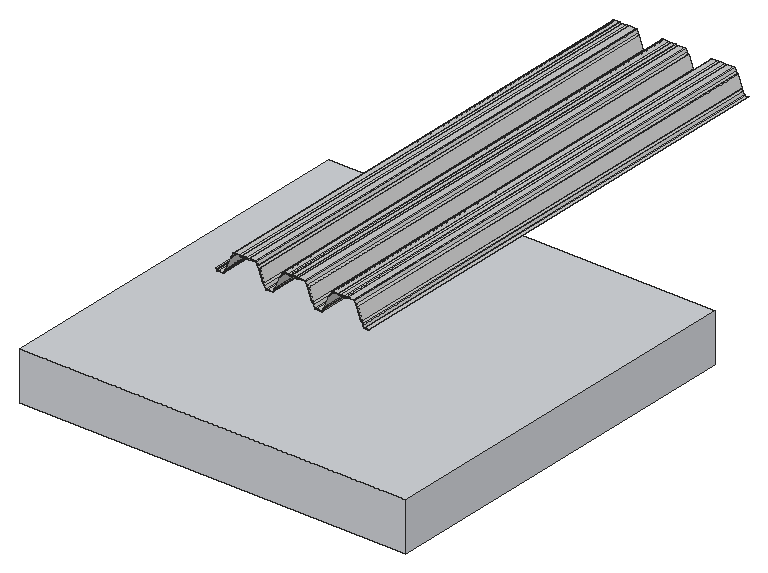
Revit family "Trapézový plech CB 135_310", category Obecné modely, Revit 2016
Family settings
  Hostitel = Plocha
  Typ součásti = Normální
  Může být hostitelem pro výztuž = Ne
  Kóta kulaté spojky = Použít průměr
  Ořezat dutým tvarem při načtení = Ne
  Sdílené = Ne
  Bod výpočtu místnosti = Ne
Parameters
  Šířka prvku - ořezání [instance] = 965 mm
  Šířka [instance] = 930 mm  # constant formula
  Výrobce = "CB profil a. s."  # constant formula
  Default Elevation = 0 mm
  URL = "https://www.cbprofil.cz/vyrobni-program/trapezove-plechy-vyroba-cb/"
  Třída oceli [instance] = Třída oceli : S 320 GD
  Tloušťka [instance] = 1 mm
  Pozitivní [instance] = not(Negativní)  # yes
  Popis = "CB 135/310"
  Negativní [instance] = no
  F2 barva [instance] = Pozink
  F1 barva [instance] = Pozink
  Délka [instance] = 3000 mm
  CB FLIS [instance] = no
Reference planes
  plane 1 "Střed (vpředu/vzadu)": y = 0
  plane 2: z = 0
  plane 3 "Střed (vlevo/vpravo)": x = 0
  plane 4 "trapézový plech": z = 0
  plane 5 "oříznutí": x = -965
  plane 6: x = -1219.2
  plane 7: x = -930
  plane 8: z = 139
Forms (mm)
  Extrusion 1, solid
    sketch origin (0, 0, 0) x (1, 0, 0) y (0, 1, 0)
      loop
        line (-1219.2, 1219.2) -> (-1219.2, -1219.2) -> (1219.2, -1219.2) -> (1219.2, 1219.2) -> (-1219.2, 1219.2)
    from 0 to -304.8
  Sweep 2, solid, material "Pozink" <- "F2 barva", visible <- "Pozitivní"
    path origin (0, 0, 0) x (-1, 0, 0) y (0, -1, 0)
      loop
        line (0, 0) -> (0, -3000)
    profile "CB 135_310 : CB 135_310" origin (0, 1500, 0) x (-1, 0, 0) y (0, 0, 1)
      loop
        line (958.743, 11.661) -> (957.955, 12.276) -> (954.038, 7.263)
        arc (954.038, 7.263) -> (953.604, 6.608) -> (953.279, 5.893) r 5
        line (953.279, 5.893) -> (952.697, 4.292)
        arc (952.697, 4.292) -> (950.866, 1.905) -> (947.997, 1) r 5
        line (947.997, 1) -> (930, 1) -> (912.003, 1)
        arc (912.003, 1) -> (909.134, 1.905) -> (907.303, 4.292) r 5
        line (907.303, 4.292) -> (901.864, 19.255)
        arc (901.864, 19.255) -> (901.538, 19.97) -> (901.105, 20.625) r 5
        line (901.105, 20.625) -> (891.143, 33.375)
        arc (891.143, 33.375) -> (890.71, 34.03) -> (890.384, 34.745) r 5
        line (890.384, 34.745) -> (865.116, 104.255)
        arc (865.116, 104.255) -> (864.79, 104.97) -> (864.357, 105.625) r 5
        line (864.357, 105.625) -> (854.395, 118.375)
        arc (854.395, 118.375) -> (853.962, 119.03) -> (853.636, 119.745) r 5
        line (853.636, 119.745) -> (848.197, 134.708)
        arc (848.197, 134.708) -> (846.366, 137.095) -> (843.497, 138) r 5
        line (843.497, 138) -> (807.333, 138)
        arc (807.333, 138) -> (806.182, 137.866) -> (805.093, 137.47) r 5
        line (805.093, 137.47) -> (799.24, 134.537)
        arc (799.24, 134.537) -> (797, 134.008) -> (794.76, 134.537) r 5
        line (794.76, 134.537) -> (788.907, 137.47)
        arc (788.907, 137.47) -> (787.818, 137.866) -> (786.667, 138) r 5
        line (786.667, 138) -> (763.333, 138)
        arc (763.333, 138) -> (762.182, 137.866) -> (761.093, 137.47) r 5
        line (761.093, 137.47) -> (755.24, 134.537)
        arc (755.24, 134.537) -> (753, 134.008) -> (750.76, 134.537) r 5
        line (750.76, 134.537) -> (744.907, 137.47)
        arc (744.907, 137.47) -> (743.818, 137.866) -> (742.667, 138) r 5
        line (742.667, 138) -> (706.503, 138)
        arc (706.503, 138) -> (703.634, 137.095) -> (701.803, 134.708) r 5
        line (701.803, 134.708) -> (696.364, 119.745)
        arc (696.364, 119.745) -> (696.038, 119.03) -> (695.605, 118.375) r 5
        line (695.605, 118.375) -> (685.643, 105.625)
        arc (685.643, 105.625) -> (685.21, 104.97) -> (684.884, 104.255) r 5
        line (684.884, 104.255) -> (659.616, 34.745)
        arc (659.616, 34.745) -> (659.29, 34.03) -> (658.857, 33.375) r 5
        line (658.857, 33.375) -> (648.895, 20.625)
        arc (648.895, 20.625) -> (648.462, 19.97) -> (648.136, 19.255) r 5
        line (648.136, 19.255) -> (642.697, 4.292)
        arc (642.697, 4.292) -> (640.866, 1.905) -> (637.997, 1) r 5
        line (637.997, 1) -> (620, 1) -> (602.003, 1)
        arc (602.003, 1) -> (599.134, 1.905) -> (597.303, 4.292) r 5
        line (597.303, 4.292) -> (591.864, 19.255)
        arc (591.864, 19.255) -> (591.538, 19.97) -> (591.105, 20.625) r 5
        line (591.105, 20.625) -> (581.143, 33.375)
        arc (581.143, 33.375) -> (580.71, 34.03) -> (580.384, 34.745) r 5
        line (580.384, 34.745) -> (555.116, 104.255)
        arc (555.116, 104.255) -> (554.79, 104.97) -> (554.357, 105.625) r 5
        line (554.357, 105.625) -> (544.395, 118.375)
        arc (544.395, 118.375) -> (543.962, 119.03) -> (543.636, 119.745) r 5
        line (543.636, 119.745) -> (538.197, 134.708)
        arc (538.197, 134.708) -> (536.366, 137.095) -> (533.497, 138) r 5
        line (533.497, 138) -> (497.333, 138)
        arc (497.333, 138) -> (496.182, 137.866) -> (495.093, 137.47) r 5
        line (495.093, 137.47) -> (489.24, 134.537)
        arc (489.24, 134.537) -> (487, 134.008) -> (484.76, 134.537) r 5
        line (484.76, 134.537) -> (478.907, 137.47)
        arc (478.907, 137.47) -> (477.818, 137.866) -> (476.667, 138) r 5
        line (476.667, 138) -> (453.333, 138)
        arc (453.333, 138) -> (452.182, 137.866) -> (451.093, 137.47) r 5
        line (451.093, 137.47) -> (445.24, 134.537)
        arc (445.24, 134.537) -> (443, 134.008) -> (440.76, 134.537) r 5
        line (440.76, 134.537) -> (434.907, 137.47)
        arc (434.907, 137.47) -> (433.818, 137.866) -> (432.667, 138) r 5
        line (432.667, 138) -> (396.503, 138)
        arc (396.503, 138) -> (393.634, 137.095) -> (391.803, 134.708) r 5
        line (391.803, 134.708) -> (386.364, 119.745)
        arc (386.364, 119.745) -> (386.038, 119.03) -> (385.605, 118.375) r 5
        line (385.605, 118.375) -> (375.643, 105.625)
        arc (375.643, 105.625) -> (375.21, 104.97) -> (374.884, 104.255) r 5
        line (374.884, 104.255) -> (349.616, 34.745)
        arc (349.616, 34.745) -> (349.29, 34.03) -> (348.857, 33.375) r 5
        line (348.857, 33.375) -> (338.895, 20.625)
        arc (338.895, 20.625) -> (338.462, 19.97) -> (338.136, 19.255) r 5
        line (338.136, 19.255) -> (332.697, 4.292)
        arc (332.697, 4.292) -> (330.866, 1.905) -> (327.997, 1) r 5
        line (327.997, 1) -> (310, 1) -> (292.003, 1)
        arc (292.003, 1) -> (289.134, 1.905) -> (287.303, 4.292) r 5
        line (287.303, 4.292) -> (281.864, 19.255)
        arc (281.864, 19.255) -> (281.538, 19.97) -> (281.105, 20.625) r 5
        line (281.105, 20.625) -> (271.143, 33.375)
        arc (271.143, 33.375) -> (270.71, 34.03) -> (270.384, 34.745) r 5
        line (270.384, 34.745) -> (245.116, 104.255)
        arc (245.116, 104.255) -> (244.79, 104.97) -> (244.357, 105.625) r 5
        line (244.357, 105.625) -> (234.395, 118.375)
        arc (234.395, 118.375) -> (233.962, 119.03) -> (233.636, 119.745) r 5
        line (233.636, 119.745) -> (228.197, 134.708)
        arc (228.197, 134.708) -> (226.366, 137.095) -> (223.497, 138) r 5
        line (223.497, 138) -> (187.333, 138)
        arc (187.333, 138) -> (186.182, 137.866) -> (185.093, 137.47) r 5
        line (185.093, 137.47) -> (179.24, 134.537)
        arc (179.24, 134.537) -> (177, 134.008) -> (174.76, 134.537) r 5
        line (174.76, 134.537) -> (168.907, 137.47)
        arc (168.907, 137.47) -> (167.818, 137.866) -> (166.667, 138) r 5
        line (166.667, 138) -> (143.333, 138)
        arc (143.333, 138) -> (142.182, 137.866) -> (141.093, 137.47) r 5
        line (141.093, 137.47) -> (135.24, 134.537)
        arc (135.24, 134.537) -> (133, 134.008) -> (130.76, 134.537) r 5
        line (130.76, 134.537) -> (124.907, 137.47)
        arc (124.907, 137.47) -> (123.818, 137.866) -> (122.667, 138) r 5
        line (122.667, 138) -> (86.503, 138)
        arc (86.503, 138) -> (83.634, 137.095) -> (81.803, 134.708) r 5
        line (81.803, 134.708) -> (76.364, 119.745)
        arc (76.364, 119.745) -> (76.038, 119.03) -> (75.605, 118.375) r 5
        line (75.605, 118.375) -> (65.643, 105.625)
        arc (65.643, 105.625) -> (65.21, 104.97) -> (64.884, 104.255) r 5
        line (64.884, 104.255) -> (39.616, 34.745)
        arc (39.616, 34.745) -> (39.29, 34.03) -> (38.857, 33.375) r 5
        line (38.857, 33.375) -> (28.895, 20.625)
        arc (28.895, 20.625) -> (28.462, 19.97) -> (28.136, 19.255) r 5
        line (28.136, 19.255) -> (22.697, 4.292)
        arc (22.697, 4.292) -> (20.866, 1.905) -> (17.997, 1) r 5
        line (17.997, 1) -> (0, 1) -> (-5, 1) -> (-5, 0) -> (0, 0) -> (17.997, 0)
        arc (17.997, 0) -> (21.44, 1.086) -> (23.636, 3.95) r 6
        line (23.636, 3.95) -> (29.076, 18.913)
        arc (29.076, 18.913) -> (29.336, 19.485) -> (29.683, 20.009) r 4
        line (29.683, 20.009) -> (39.645, 32.76)
        arc (39.645, 32.76) -> (40.165, 33.546) -> (40.556, 34.404) r 6
        line (40.556, 34.404) -> (65.824, 103.913)
        arc (65.824, 103.913) -> (66.085, 104.485) -> (66.431, 105.009) r 4
        line (66.431, 105.009) -> (76.393, 117.76)
        arc (76.393, 117.76) -> (76.913, 118.546) -> (77.304, 119.404) r 6
        line (77.304, 119.404) -> (82.743, 134.367)
        arc (82.743, 134.367) -> (84.208, 136.276) -> (86.503, 137) r 4
        line (86.503, 137) -> (122.667, 137)
        arc (122.667, 137) -> (123.588, 136.893) -> (124.459, 136.576) r 4
        line (124.459, 136.576) -> (130.312, 133.643)
        arc (130.312, 133.643) -> (133, 133.008) -> (135.688, 133.643) r 6
        line (135.688, 133.643) -> (141.541, 136.576)
        arc (141.541, 136.576) -> (142.412, 136.893) -> (143.333, 137) r 4
        line (143.333, 137) -> (166.667, 137)
        arc (166.667, 137) -> (167.588, 136.893) -> (168.459, 136.576) r 4
        line (168.459, 136.576) -> (174.312, 133.643)
        arc (174.312, 133.643) -> (177, 133.008) -> (179.688, 133.643) r 6
        line (179.688, 133.643) -> (185.541, 136.576)
        arc (185.541, 136.576) -> (186.412, 136.893) -> (187.333, 137) r 4
        line (187.333, 137) -> (223.497, 137)
        arc (223.497, 137) -> (225.792, 136.276) -> (227.257, 134.367) r 4
        line (227.257, 134.367) -> (232.696, 119.404)
        arc (232.696, 119.404) -> (233.087, 118.546) -> (233.607, 117.76) r 6
        line (233.607, 117.76) -> (243.569, 105.009)
        arc (243.569, 105.009) -> (243.915, 104.485) -> (244.176, 103.913) r 4
        line (244.176, 103.913) -> (269.444, 34.404)
        arc (269.444, 34.404) -> (269.835, 33.546) -> (270.355, 32.76) r 6
        line (270.355, 32.76) -> (280.317, 20.009)
        arc (280.317, 20.009) -> (280.664, 19.485) -> (280.924, 18.913) r 4
        line (280.924, 18.913) -> (286.364, 3.95)
        arc (286.364, 3.95) -> (288.56, 1.086) -> (292.003, 0) r 6
        line (292.003, 0) -> (310, 0) -> (327.997, 0)
        arc (327.997, 0) -> (331.44, 1.086) -> (333.636, 3.95) r 6
        line (333.636, 3.95) -> (339.076, 18.913)
        arc (339.076, 18.913) -> (339.336, 19.485) -> (339.683, 20.009) r 4
        line (339.683, 20.009) -> (349.645, 32.76)
        arc (349.645, 32.76) -> (350.165, 33.546) -> (350.556, 34.404) r 6
        line (350.556, 34.404) -> (375.824, 103.913)
        arc (375.824, 103.913) -> (376.085, 104.485) -> (376.431, 105.009) r 4
        line (376.431, 105.009) -> (386.393, 117.76)
        arc (386.393, 117.76) -> (386.913, 118.546) -> (387.304, 119.404) r 6
        line (387.304, 119.404) -> (392.743, 134.367)
        arc (392.743, 134.367) -> (394.208, 136.276) -> (396.503, 137) r 4
        line (396.503, 137) -> (432.667, 137)
        arc (432.667, 137) -> (433.588, 136.893) -> (434.459, 136.576) r 4
        line (434.459, 136.576) -> (440.312, 133.643)
        arc (440.312, 133.643) -> (443, 133.008) -> (445.688, 133.643) r 6
        line (445.688, 133.643) -> (451.541, 136.576)
        arc (451.541, 136.576) -> (452.412, 136.893) -> (453.333, 137) r 4
        line (453.333, 137) -> (476.667, 137)
        arc (476.667, 137) -> (477.588, 136.893) -> (478.459, 136.576) r 4
        line (478.459, 136.576) -> (484.312, 133.643)
        arc (484.312, 133.643) -> (487, 133.008) -> (489.688, 133.643) r 6
        line (489.688, 133.643) -> (495.541, 136.576)
        arc (495.541, 136.576) -> (496.412, 136.893) -> (497.333, 137) r 4
        line (497.333, 137) -> (533.497, 137)
        arc (533.497, 137) -> (535.792, 136.276) -> (537.257, 134.367) r 4
        line (537.257, 134.367) -> (542.696, 119.404)
        arc (542.696, 119.404) -> (543.087, 118.546) -> (543.607, 117.76) r 6
        line (543.607, 117.76) -> (553.569, 105.009)
        arc (553.569, 105.009) -> (553.915, 104.485) -> (554.176, 103.913) r 4
        line (554.176, 103.913) -> (579.444, 34.404)
        arc (579.444, 34.404) -> (579.835, 33.546) -> (580.355, 32.76) r 6
        line (580.355, 32.76) -> (590.317, 20.009)
        arc (590.317, 20.009) -> (590.664, 19.485) -> (590.924, 18.913) r 4
        line (590.924, 18.913) -> (596.364, 3.95)
        arc (596.364, 3.95) -> (598.56, 1.086) -> (602.003, 0) r 6
        line (602.003, 0) -> (620, 0) -> (637.997, 0)
        arc (637.997, 0) -> (641.44, 1.086) -> (643.636, 3.95) r 6
        line (643.636, 3.95) -> (649.076, 18.913)
        arc (649.076, 18.913) -> (649.336, 19.485) -> (649.683, 20.009) r 4
        line (649.683, 20.009) -> (659.645, 32.76)
        arc (659.645, 32.76) -> (660.165, 33.546) -> (660.556, 34.404) r 6
        line (660.556, 34.404) -> (685.824, 103.913)
        arc (685.824, 103.913) -> (686.085, 104.485) -> (686.431, 105.009) r 4
        line (686.431, 105.009) -> (696.393, 117.76)
        arc (696.393, 117.76) -> (696.913, 118.546) -> (697.304, 119.404) r 6
        line (697.304, 119.404) -> (702.743, 134.367)
        arc (702.743, 134.367) -> (704.208, 136.276) -> (706.503, 137) r 4
        line (706.503, 137) -> (742.667, 137)
        arc (742.667, 137) -> (743.588, 136.893) -> (744.459, 136.576) r 4
        line (744.459, 136.576) -> (750.312, 133.643)
        arc (750.312, 133.643) -> (753, 133.008) -> (755.688, 133.643) r 6
        line (755.688, 133.643) -> (761.541, 136.576)
        arc (761.541, 136.576) -> (762.412, 136.893) -> (763.333, 137) r 4
        line (763.333, 137) -> (786.667, 137)
        arc (786.667, 137) -> (787.588, 136.893) -> (788.459, 136.576) r 4
        line (788.459, 136.576) -> (794.312, 133.643)
        arc (794.312, 133.643) -> (797, 133.008) -> (799.688, 133.643) r 6
        line (799.688, 133.643) -> (805.541, 136.576)
        arc (805.541, 136.576) -> (806.412, 136.893) -> (807.333, 137) r 4
        line (807.333, 137) -> (843.497, 137)
        arc (843.497, 137) -> (845.792, 136.276) -> (847.257, 134.367) r 4
        line (847.257, 134.367) -> (852.696, 119.404)
        arc (852.696, 119.404) -> (853.087, 118.546) -> (853.607, 117.76) r 6
        line (853.607, 117.76) -> (863.569, 105.009)
        arc (863.569, 105.009) -> (863.915, 104.485) -> (864.176, 103.913) r 4
        line (864.176, 103.913) -> (889.444, 34.404)
        arc (889.444, 34.404) -> (889.835, 33.546) -> (890.355, 32.76) r 6
        line (890.355, 32.76) -> (900.317, 20.009)
        arc (900.317, 20.009) -> (900.664, 19.485) -> (900.924, 18.913) r 4
        line (900.924, 18.913) -> (906.364, 3.95)
        arc (906.364, 3.95) -> (908.56, 1.086) -> (912.003, 0) r 6
        line (912.003, 0) -> (930, 0) -> (947.997, 0)
        arc (947.997, 0) -> (951.44, 1.086) -> (953.636, 3.95) r 6
        line (953.636, 3.95) -> (954.219, 5.551)
        arc (954.219, 5.551) -> (954.479, 6.123) -> (954.826, 6.647) r 4
        line (954.826, 6.647) -> (958.743, 11.661)
  Extrusion 3, void
    sketch origin (0, 0, 0) x (1, 0, 0) y (0, 0, 1)
      loop
        line (-1219.2, 0) -> (-965, 0) -> (-965, 139) -> (-1219.2, 139) -> (-1219.2, 0)
    from 0 to -3000
  Sweep 4, solid, material "Pozink" <- "F2 barva", visible <- "Negativní"
    path origin (0, 0, 0) x (-1, 0, 0) y (0, -1, 0)
      loop
        line (0, 0) -> (0, -3000)
    profile "CB 135_310_neg : CB 135_310_neg" origin (0, 1500, 0) x (-1, 0, 0) y (0, 0, 1)
      loop
        line (958.743, 126.339) -> (954.826, 131.353)
        arc (954.826, 131.353) -> (954.479, 131.877) -> (954.219, 132.449) r 4
        line (954.219, 132.449) -> (953.636, 134.05)
        arc (953.636, 134.05) -> (951.44, 136.914) -> (947.997, 138) r 6
        line (947.997, 138) -> (930, 138) -> (912.003, 138)
        arc (912.003, 138) -> (908.56, 136.914) -> (906.364, 134.05) r 6
        line (906.364, 134.05) -> (900.924, 119.087)
        arc (900.924, 119.087) -> (900.664, 118.515) -> (900.317, 117.991) r 4
        line (900.317, 117.991) -> (890.355, 105.24)
        arc (890.355, 105.24) -> (889.835, 104.454) -> (889.444, 103.596) r 6
        line (889.444, 103.596) -> (864.176, 34.087)
        arc (864.176, 34.087) -> (863.915, 33.515) -> (863.569, 32.991) r 4
        line (863.569, 32.991) -> (853.607, 20.24)
        arc (853.607, 20.24) -> (853.087, 19.454) -> (852.696, 18.596) r 6
        line (852.696, 18.596) -> (847.257, 3.633)
        arc (847.257, 3.633) -> (845.792, 1.724) -> (843.497, 1) r 4
        line (843.497, 1) -> (807.333, 1)
        arc (807.333, 1) -> (806.412, 1.107) -> (805.541, 1.424) r 4
        line (805.541, 1.424) -> (799.688, 4.357)
        arc (799.688, 4.357) -> (797, 4.992) -> (794.312, 4.357) r 6
        line (794.312, 4.357) -> (788.459, 1.424)
        arc (788.459, 1.424) -> (787.588, 1.107) -> (786.667, 1) r 4
        line (786.667, 1) -> (763.333, 1)
        arc (763.333, 1) -> (762.412, 1.107) -> (761.541, 1.424) r 4
        line (761.541, 1.424) -> (755.688, 4.357)
        arc (755.688, 4.357) -> (753, 4.992) -> (750.312, 4.357) r 6
        line (750.312, 4.357) -> (744.459, 1.424)
        arc (744.459, 1.424) -> (743.588, 1.107) -> (742.667, 1) r 4
        line (742.667, 1) -> (706.503, 1)
        arc (706.503, 1) -> (704.208, 1.724) -> (702.743, 3.633) r 4
        line (702.743, 3.633) -> (697.304, 18.596)
        arc (697.304, 18.596) -> (696.913, 19.454) -> (696.393, 20.24) r 6
        line (696.393, 20.24) -> (686.431, 32.991)
        arc (686.431, 32.991) -> (686.085, 33.515) -> (685.824, 34.087) r 4
        line (685.824, 34.087) -> (660.556, 103.596)
        arc (660.556, 103.596) -> (660.165, 104.454) -> (659.645, 105.24) r 6
        line (659.645, 105.24) -> (649.683, 117.991)
        arc (649.683, 117.991) -> (649.336, 118.515) -> (649.076, 119.087) r 4
        line (649.076, 119.087) -> (643.636, 134.05)
        arc (643.636, 134.05) -> (641.44, 136.914) -> (637.997, 138) r 6
        line (637.997, 138) -> (620, 138) -> (602.003, 138)
        arc (602.003, 138) -> (598.56, 136.914) -> (596.364, 134.05) r 6
        line (596.364, 134.05) -> (590.924, 119.087)
        arc (590.924, 119.087) -> (590.664, 118.515) -> (590.317, 117.991) r 4
        line (590.317, 117.991) -> (580.355, 105.24)
        arc (580.355, 105.24) -> (579.835, 104.454) -> (579.444, 103.596) r 6
        line (579.444, 103.596) -> (554.176, 34.087)
        arc (554.176, 34.087) -> (553.915, 33.515) -> (553.569, 32.991) r 4
        line (553.569, 32.991) -> (543.607, 20.24)
        arc (543.607, 20.24) -> (543.087, 19.454) -> (542.696, 18.596) r 6
        line (542.696, 18.596) -> (537.257, 3.633)
        arc (537.257, 3.633) -> (535.792, 1.724) -> (533.497, 1) r 4
        line (533.497, 1) -> (497.333, 1)
        arc (497.333, 1) -> (496.412, 1.107) -> (495.541, 1.424) r 4
        line (495.541, 1.424) -> (489.688, 4.357)
        arc (489.688, 4.357) -> (487, 4.992) -> (484.312, 4.357) r 6
        line (484.312, 4.357) -> (478.459, 1.424)
        arc (478.459, 1.424) -> (477.588, 1.107) -> (476.667, 1) r 4
        line (476.667, 1) -> (453.333, 1)
        arc (453.333, 1) -> (452.412, 1.107) -> (451.541, 1.424) r 4
        line (451.541, 1.424) -> (445.688, 4.357)
        arc (445.688, 4.357) -> (443, 4.992) -> (440.312, 4.357) r 6
        line (440.312, 4.357) -> (434.459, 1.424)
        arc (434.459, 1.424) -> (433.588, 1.107) -> (432.667, 1) r 4
        line (432.667, 1) -> (396.503, 1)
        arc (396.503, 1) -> (394.208, 1.724) -> (392.743, 3.633) r 4
        line (392.743, 3.633) -> (387.304, 18.596)
        arc (387.304, 18.596) -> (386.913, 19.454) -> (386.393, 20.24) r 6
        line (386.393, 20.24) -> (376.431, 32.991)
        arc (376.431, 32.991) -> (376.085, 33.515) -> (375.824, 34.087) r 4
        line (375.824, 34.087) -> (350.556, 103.596)
        arc (350.556, 103.596) -> (350.165, 104.454) -> (349.645, 105.24) r 6
        line (349.645, 105.24) -> (339.683, 117.991)
        arc (339.683, 117.991) -> (339.336, 118.515) -> (339.076, 119.087) r 4
        line (339.076, 119.087) -> (333.636, 134.05)
        arc (333.636, 134.05) -> (331.44, 136.914) -> (327.997, 138) r 6
        line (327.997, 138) -> (310, 138) -> (292.003, 138)
        arc (292.003, 138) -> (288.56, 136.914) -> (286.364, 134.05) r 6
        line (286.364, 134.05) -> (280.924, 119.087)
        arc (280.924, 119.087) -> (280.664, 118.515) -> (280.317, 117.991) r 4
        line (280.317, 117.991) -> (270.355, 105.24)
        arc (270.355, 105.24) -> (269.835, 104.454) -> (269.444, 103.596) r 6
        line (269.444, 103.596) -> (244.176, 34.087)
        arc (244.176, 34.087) -> (243.915, 33.515) -> (243.569, 32.991) r 4
        line (243.569, 32.991) -> (233.607, 20.24)
        arc (233.607, 20.24) -> (233.087, 19.454) -> (232.696, 18.596) r 6
        line (232.696, 18.596) -> (227.257, 3.633)
        arc (227.257, 3.633) -> (225.792, 1.724) -> (223.497, 1) r 4
        line (223.497, 1) -> (187.333, 1)
        arc (187.333, 1) -> (186.412, 1.107) -> (185.541, 1.424) r 4
        line (185.541, 1.424) -> (179.688, 4.357)
        arc (179.688, 4.357) -> (177, 4.992) -> (174.312, 4.357) r 6
        line (174.312, 4.357) -> (168.459, 1.424)
        arc (168.459, 1.424) -> (167.588, 1.107) -> (166.667, 1) r 4
        line (166.667, 1) -> (143.333, 1)
        arc (143.333, 1) -> (142.412, 1.107) -> (141.541, 1.424) r 4
        line (141.541, 1.424) -> (135.688, 4.357)
        arc (135.688, 4.357) -> (133, 4.992) -> (130.312, 4.357) r 6
        line (130.312, 4.357) -> (124.459, 1.424)
        arc (124.459, 1.424) -> (123.588, 1.107) -> (122.667, 1) r 4
        line (122.667, 1) -> (86.503, 1)
        arc (86.503, 1) -> (84.208, 1.724) -> (82.743, 3.633) r 4
        line (82.743, 3.633) -> (77.304, 18.596)
        arc (77.304, 18.596) -> (76.913, 19.454) -> (76.393, 20.24) r 6
        line (76.393, 20.24) -> (66.431, 32.991)
        arc (66.431, 32.991) -> (66.085, 33.515) -> (65.824, 34.087) r 4
        line (65.824, 34.087) -> (40.556, 103.596)
        arc (40.556, 103.596) -> (40.165, 104.454) -> (39.645, 105.24) r 6
        line (39.645, 105.24) -> (29.683, 117.991)
        arc (29.683, 117.991) -> (29.336, 118.515) -> (29.076, 119.087) r 4
        line (29.076, 119.087) -> (23.636, 134.05)
        arc (23.636, 134.05) -> (21.44, 136.914) -> (17.997, 138) r 6
        line (17.997, 138) -> (0, 138) -> (-5, 138) -> (-5, 137) -> (0, 137) -> (17.997, 137)
        arc (17.997, 137) -> (20.866, 136.095) -> (22.697, 133.708) r 5
        line (22.697, 133.708) -> (28.136, 118.745)
        arc (28.136, 118.745) -> (28.462, 118.03) -> (28.895, 117.375) r 5
        line (28.895, 117.375) -> (38.857, 104.625)
        arc (38.857, 104.625) -> (39.29, 103.97) -> (39.616, 103.255) r 5
        line (39.616, 103.255) -> (64.884, 33.745)
        arc (64.884, 33.745) -> (65.21, 33.03) -> (65.643, 32.375) r 5
        line (65.643, 32.375) -> (75.605, 19.625)
        arc (75.605, 19.625) -> (76.038, 18.97) -> (76.364, 18.255) r 5
        line (76.364, 18.255) -> (81.803, 3.292)
        arc (81.803, 3.292) -> (83.634, 0.905) -> (86.503, 0) r 5
        line (86.503, 0) -> (122.667, 0)
        arc (122.667, 0) -> (123.818, 0.134) -> (124.907, 0.53) r 5
        line (124.907, 0.53) -> (130.76, 3.463)
        arc (130.76, 3.463) -> (133, 3.992) -> (135.24, 3.463) r 5
        line (135.24, 3.463) -> (141.093, 0.53)
        arc (141.093, 0.53) -> (142.182, 0.134) -> (143.333, 0) r 5
        line (143.333, 0) -> (166.667, 0)
        arc (166.667, 0) -> (167.818, 0.134) -> (168.907, 0.53) r 5
        line (168.907, 0.53) -> (174.76, 3.463)
        arc (174.76, 3.463) -> (177, 3.992) -> (179.24, 3.463) r 5
        line (179.24, 3.463) -> (185.093, 0.53)
        arc (185.093, 0.53) -> (186.182, 0.134) -> (187.333, 0) r 5
        line (187.333, 0) -> (223.497, 0)
        arc (223.497, 0) -> (226.366, 0.905) -> (228.197, 3.292) r 5
        line (228.197, 3.292) -> (233.636, 18.255)
        arc (233.636, 18.255) -> (233.962, 18.97) -> (234.395, 19.625) r 5
        line (234.395, 19.625) -> (244.357, 32.375)
        arc (244.357, 32.375) -> (244.79, 33.03) -> (245.116, 33.745) r 5
        line (245.116, 33.745) -> (270.384, 103.255)
        arc (270.384, 103.255) -> (270.71, 103.97) -> (271.143, 104.625) r 5
        line (271.143, 104.625) -> (281.105, 117.375)
        arc (281.105, 117.375) -> (281.538, 118.03) -> (281.864, 118.745) r 5
        line (281.864, 118.745) -> (287.303, 133.708)
        arc (287.303, 133.708) -> (289.134, 136.095) -> (292.003, 137) r 5
        line (292.003, 137) -> (310, 137) -> (327.997, 137)
        arc (327.997, 137) -> (330.866, 136.095) -> (332.697, 133.708) r 5
        line (332.697, 133.708) -> (338.136, 118.745)
        arc (338.136, 118.745) -> (338.462, 118.03) -> (338.895, 117.375) r 5
        line (338.895, 117.375) -> (348.857, 104.625)
        arc (348.857, 104.625) -> (349.29, 103.97) -> (349.616, 103.255) r 5
        line (349.616, 103.255) -> (374.884, 33.745)
        arc (374.884, 33.745) -> (375.21, 33.03) -> (375.643, 32.375) r 5
        line (375.643, 32.375) -> (385.605, 19.625)
        arc (385.605, 19.625) -> (386.038, 18.97) -> (386.364, 18.255) r 5
        line (386.364, 18.255) -> (391.803, 3.292)
        arc (391.803, 3.292) -> (393.634, 0.905) -> (396.503, 0) r 5
        line (396.503, 0) -> (432.667, 0)
        arc (432.667, 0) -> (433.818, 0.134) -> (434.907, 0.53) r 5
        line (434.907, 0.53) -> (440.76, 3.463)
        arc (440.76, 3.463) -> (443, 3.992) -> (445.24, 3.463) r 5
        line (445.24, 3.463) -> (451.093, 0.53)
        arc (451.093, 0.53) -> (452.182, 0.134) -> (453.333, 0) r 5
        line (453.333, 0) -> (476.667, 0)
        arc (476.667, 0) -> (477.818, 0.134) -> (478.907, 0.53) r 5
        line (478.907, 0.53) -> (484.76, 3.463)
        arc (484.76, 3.463) -> (487, 3.992) -> (489.24, 3.463) r 5
        line (489.24, 3.463) -> (495.093, 0.53)
        arc (495.093, 0.53) -> (496.182, 0.134) -> (497.333, 0) r 5
        line (497.333, 0) -> (533.497, 0)
        arc (533.497, 0) -> (536.366, 0.905) -> (538.197, 3.292) r 5
        line (538.197, 3.292) -> (543.636, 18.255)
        arc (543.636, 18.255) -> (543.962, 18.97) -> (544.395, 19.625) r 5
        line (544.395, 19.625) -> (554.357, 32.375)
        arc (554.357, 32.375) -> (554.79, 33.03) -> (555.116, 33.745) r 5
        line (555.116, 33.745) -> (580.384, 103.255)
        arc (580.384, 103.255) -> (580.71, 103.97) -> (581.143, 104.625) r 5
        line (581.143, 104.625) -> (591.105, 117.375)
        arc (591.105, 117.375) -> (591.538, 118.03) -> (591.864, 118.745) r 5
        line (591.864, 118.745) -> (597.303, 133.708)
        arc (597.303, 133.708) -> (599.134, 136.095) -> (602.003, 137) r 5
        line (602.003, 137) -> (620, 137) -> (637.997, 137)
        arc (637.997, 137) -> (640.866, 136.095) -> (642.697, 133.708) r 5
        line (642.697, 133.708) -> (648.136, 118.745)
        arc (648.136, 118.745) -> (648.462, 118.03) -> (648.895, 117.375) r 5
        line (648.895, 117.375) -> (658.857, 104.625)
        arc (658.857, 104.625) -> (659.29, 103.97) -> (659.616, 103.255) r 5
        line (659.616, 103.255) -> (684.884, 33.745)
        arc (684.884, 33.745) -> (685.21, 33.03) -> (685.643, 32.375) r 5
        line (685.643, 32.375) -> (695.605, 19.625)
        arc (695.605, 19.625) -> (696.038, 18.97) -> (696.364, 18.255) r 5
        line (696.364, 18.255) -> (701.803, 3.292)
        arc (701.803, 3.292) -> (703.634, 0.905) -> (706.503, 0) r 5
        line (706.503, 0) -> (742.667, 0)
        arc (742.667, 0) -> (743.818, 0.134) -> (744.907, 0.53) r 5
        line (744.907, 0.53) -> (750.76, 3.463)
        arc (750.76, 3.463) -> (753, 3.992) -> (755.24, 3.463) r 5
        line (755.24, 3.463) -> (761.093, 0.53)
        arc (761.093, 0.53) -> (762.182, 0.134) -> (763.333, 0) r 5
        line (763.333, 0) -> (786.667, 0)
        arc (786.667, 0) -> (787.818, 0.134) -> (788.907, 0.53) r 5
        line (788.907, 0.53) -> (794.76, 3.463)
        arc (794.76, 3.463) -> (797, 3.992) -> (799.24, 3.463) r 5
        line (799.24, 3.463) -> (805.093, 0.53)
        arc (805.093, 0.53) -> (806.182, 0.134) -> (807.333, 0) r 5
        line (807.333, 0) -> (843.497, 0)
        arc (843.497, 0) -> (846.366, 0.905) -> (848.197, 3.292) r 5
        line (848.197, 3.292) -> (853.636, 18.255)
        arc (853.636, 18.255) -> (853.962, 18.97) -> (854.395, 19.625) r 5
        line (854.395, 19.625) -> (864.357, 32.375)
        arc (864.357, 32.375) -> (864.79, 33.03) -> (865.116, 33.745) r 5
        line (865.116, 33.745) -> (890.384, 103.255)
        arc (890.384, 103.255) -> (890.71, 103.97) -> (891.143, 104.625) r 5
        line (891.143, 104.625) -> (901.105, 117.375)
        arc (901.105, 117.375) -> (901.538, 118.03) -> (901.864, 118.745) r 5
        line (901.864, 118.745) -> (907.303, 133.708)
        arc (907.303, 133.708) -> (909.134, 136.095) -> (912.003, 137) r 5
        line (912.003, 137) -> (930, 137) -> (947.997, 137)
        arc (947.997, 137) -> (950.866, 136.095) -> (952.697, 133.708) r 5
        line (952.697, 133.708) -> (953.279, 132.107)
        arc (953.279, 132.107) -> (953.604, 131.392) -> (954.038, 130.737) r 5
        line (954.038, 130.737) -> (957.955, 125.723) -> (958.743, 126.339)
  Sweep 5, solid, material "Pozink" <- "F1 barva", visible <- "Pozitivní"
    path origin (0, 0, 0) x (-1, 0, 0) y (0, -1, 0)
      loop
        line (0, 0) -> (0, -3000)
    profile "CB 135_310_F1 : CB 135_310_F1" origin (0, 1500, 0) x (-1, 0, 0) y (0, 0, 1)
      loop
        line (957.955, 12.276) -> (957.167, 12.892) -> (953.25, 7.879)
        arc (953.25, 7.879) -> (952.73, 7.093) -> (952.339, 6.235) r 6
        line (952.339, 6.235) -> (951.757, 4.633)
        arc (951.757, 4.633) -> (950.292, 2.724) -> (947.997, 2) r 4
        line (947.997, 2) -> (930, 2) -> (912.003, 2)
        arc (912.003, 2) -> (909.708, 2.724) -> (908.243, 4.633) r 4
        line (908.243, 4.633) -> (902.804, 19.596)
        arc (902.804, 19.596) -> (902.413, 20.454) -> (901.893, 21.24) r 6
        line (901.893, 21.24) -> (891.931, 33.991)
        arc (891.931, 33.991) -> (891.585, 34.515) -> (891.324, 35.087) r 4
        line (891.324, 35.087) -> (866.056, 104.596)
        arc (866.056, 104.596) -> (865.665, 105.454) -> (865.145, 106.24) r 6
        line (865.145, 106.24) -> (855.183, 118.991)
        arc (855.183, 118.991) -> (854.836, 119.515) -> (854.576, 120.087) r 4
        line (854.576, 120.087) -> (849.136, 135.05)
        arc (849.136, 135.05) -> (846.94, 137.914) -> (843.497, 139) r 6
        line (843.497, 139) -> (807.333, 139)
        arc (807.333, 139) -> (805.952, 138.839) -> (804.645, 138.364) r 6
        line (804.645, 138.364) -> (798.792, 135.432)
        arc (798.792, 135.432) -> (797, 135.008) -> (795.208, 135.432) r 4
        line (795.208, 135.432) -> (789.355, 138.364)
        arc (789.355, 138.364) -> (788.048, 138.839) -> (786.667, 139) r 6
        line (786.667, 139) -> (763.333, 139)
        arc (763.333, 139) -> (761.952, 138.839) -> (760.645, 138.364) r 6
        line (760.645, 138.364) -> (754.792, 135.432)
        arc (754.792, 135.432) -> (753, 135.008) -> (751.208, 135.432) r 4
        line (751.208, 135.432) -> (745.355, 138.364)
        arc (745.355, 138.364) -> (744.048, 138.839) -> (742.667, 139) r 6
        line (742.667, 139) -> (706.503, 139)
        arc (706.503, 139) -> (703.06, 137.914) -> (700.864, 135.05) r 6
        line (700.864, 135.05) -> (695.424, 120.087)
        arc (695.424, 120.087) -> (695.164, 119.515) -> (694.817, 118.991) r 4
        line (694.817, 118.991) -> (684.855, 106.24)
        arc (684.855, 106.24) -> (684.335, 105.454) -> (683.944, 104.596) r 6
        line (683.944, 104.596) -> (658.676, 35.087)
        arc (658.676, 35.087) -> (658.415, 34.515) -> (658.069, 33.991) r 4
        line (658.069, 33.991) -> (648.107, 21.24)
        arc (648.107, 21.24) -> (647.587, 20.454) -> (647.196, 19.596) r 6
        line (647.196, 19.596) -> (641.757, 4.633)
        arc (641.757, 4.633) -> (640.292, 2.724) -> (637.997, 2) r 4
        line (637.997, 2) -> (620, 2) -> (602.003, 2)
        arc (602.003, 2) -> (599.708, 2.724) -> (598.243, 4.633) r 4
        line (598.243, 4.633) -> (592.804, 19.596)
        arc (592.804, 19.596) -> (592.413, 20.454) -> (591.893, 21.24) r 6
        line (591.893, 21.24) -> (581.931, 33.991)
        arc (581.931, 33.991) -> (581.585, 34.515) -> (581.324, 35.087) r 4
        line (581.324, 35.087) -> (556.056, 104.596)
        arc (556.056, 104.596) -> (555.665, 105.454) -> (555.145, 106.24) r 6
        line (555.145, 106.24) -> (545.183, 118.991)
        arc (545.183, 118.991) -> (544.836, 119.515) -> (544.576, 120.087) r 4
        line (544.576, 120.087) -> (539.136, 135.05)
        arc (539.136, 135.05) -> (536.94, 137.914) -> (533.497, 139) r 6
        line (533.497, 139) -> (497.333, 139)
        arc (497.333, 139) -> (495.952, 138.839) -> (494.645, 138.364) r 6
        line (494.645, 138.364) -> (488.792, 135.432)
        arc (488.792, 135.432) -> (487, 135.008) -> (485.208, 135.432) r 4
        line (485.208, 135.432) -> (479.355, 138.364)
        arc (479.355, 138.364) -> (478.048, 138.839) -> (476.667, 139) r 6
        line (476.667, 139) -> (453.333, 139)
        arc (453.333, 139) -> (451.952, 138.839) -> (450.645, 138.364) r 6
        line (450.645, 138.364) -> (444.792, 135.432)
        arc (444.792, 135.432) -> (443, 135.008) -> (441.208, 135.432) r 4
        line (441.208, 135.432) -> (435.355, 138.364)
        arc (435.355, 138.364) -> (434.048, 138.839) -> (432.667, 139) r 6
        line (432.667, 139) -> (396.503, 139)
        arc (396.503, 139) -> (393.06, 137.914) -> (390.864, 135.05) r 6
        line (390.864, 135.05) -> (385.424, 120.087)
        arc (385.424, 120.087) -> (385.164, 119.515) -> (384.817, 118.991) r 4
        line (384.817, 118.991) -> (374.855, 106.24)
        arc (374.855, 106.24) -> (374.335, 105.454) -> (373.944, 104.596) r 6
        line (373.944, 104.596) -> (348.676, 35.087)
        arc (348.676, 35.087) -> (348.415, 34.515) -> (348.069, 33.991) r 4
        line (348.069, 33.991) -> (338.107, 21.24)
        arc (338.107, 21.24) -> (337.587, 20.454) -> (337.196, 19.596) r 6
        line (337.196, 19.596) -> (331.757, 4.633)
        arc (331.757, 4.633) -> (330.292, 2.724) -> (327.997, 2) r 4
        line (327.997, 2) -> (310, 2) -> (292.003, 2)
        arc (292.003, 2) -> (289.708, 2.724) -> (288.243, 4.633) r 4
        line (288.243, 4.633) -> (282.804, 19.596)
        arc (282.804, 19.596) -> (282.413, 20.454) -> (281.893, 21.24) r 6
        line (281.893, 21.24) -> (271.931, 33.991)
        arc (271.931, 33.991) -> (271.585, 34.515) -> (271.324, 35.087) r 4
        line (271.324, 35.087) -> (246.056, 104.596)
        arc (246.056, 104.596) -> (245.665, 105.454) -> (245.145, 106.24) r 6
        line (245.145, 106.24) -> (235.183, 118.991)
        arc (235.183, 118.991) -> (234.836, 119.515) -> (234.576, 120.087) r 4
        line (234.576, 120.087) -> (229.136, 135.05)
        arc (229.136, 135.05) -> (226.94, 137.914) -> (223.497, 139) r 6
        line (223.497, 139) -> (187.333, 139)
        arc (187.333, 139) -> (185.952, 138.839) -> (184.645, 138.364) r 6
        line (184.645, 138.364) -> (178.792, 135.432)
        arc (178.792, 135.432) -> (177, 135.008) -> (175.208, 135.432) r 4
        line (175.208, 135.432) -> (169.355, 138.364)
        arc (169.355, 138.364) -> (168.048, 138.839) -> (166.667, 139) r 6
        line (166.667, 139) -> (143.333, 139)
        arc (143.333, 139) -> (141.952, 138.839) -> (140.645, 138.364) r 6
        line (140.645, 138.364) -> (134.792, 135.432)
        arc (134.792, 135.432) -> (133, 135.008) -> (131.208, 135.432) r 4
        line (131.208, 135.432) -> (125.355, 138.364)
        arc (125.355, 138.364) -> (124.048, 138.839) -> (122.667, 139) r 6
        line (122.667, 139) -> (86.503, 139)
        arc (86.503, 139) -> (83.06, 137.914) -> (80.864, 135.05) r 6
        line (80.864, 135.05) -> (75.424, 120.087)
        arc (75.424, 120.087) -> (75.164, 119.515) -> (74.817, 118.991) r 4
        line (74.817, 118.991) -> (64.855, 106.24)
        arc (64.855, 106.24) -> (64.335, 105.454) -> (63.944, 104.596) r 6
        line (63.944, 104.596) -> (38.676, 35.087)
        arc (38.676, 35.087) -> (38.415, 34.515) -> (38.069, 33.991) r 4
        line (38.069, 33.991) -> (28.107, 21.24)
        arc (28.107, 21.24) -> (27.587, 20.454) -> (27.196, 19.596) r 6
        line (27.196, 19.596) -> (21.757, 4.633)
        arc (21.757, 4.633) -> (20.292, 2.724) -> (17.997, 2) r 4
        line (17.997, 2) -> (0, 2) -> (-5, 2) -> (-5, 1) -> (0, 1) -> (17.997, 1)
        arc (17.997, 1) -> (20.866, 1.905) -> (22.697, 4.292) r 5
        line (22.697, 4.292) -> (28.136, 19.255)
        arc (28.136, 19.255) -> (28.462, 19.97) -> (28.895, 20.625) r 5
        line (28.895, 20.625) -> (38.857, 33.375)
        arc (38.857, 33.375) -> (39.29, 34.03) -> (39.616, 34.745) r 5
        line (39.616, 34.745) -> (64.884, 104.255)
        arc (64.884, 104.255) -> (65.21, 104.97) -> (65.643, 105.625) r 5
        line (65.643, 105.625) -> (75.605, 118.375)
        arc (75.605, 118.375) -> (76.038, 119.03) -> (76.364, 119.745) r 5
        line (76.364, 119.745) -> (81.803, 134.708)
        arc (81.803, 134.708) -> (83.634, 137.095) -> (86.503, 138) r 5
        line (86.503, 138) -> (122.667, 138)
        arc (122.667, 138) -> (123.818, 137.866) -> (124.907, 137.47) r 5
        line (124.907, 137.47) -> (130.76, 134.537)
        arc (130.76, 134.537) -> (133, 134.008) -> (135.24, 134.537) r 5
        line (135.24, 134.537) -> (141.093, 137.47)
        arc (141.093, 137.47) -> (142.182, 137.866) -> (143.333, 138) r 5
        line (143.333, 138) -> (166.667, 138)
        arc (166.667, 138) -> (167.818, 137.866) -> (168.907, 137.47) r 5
        line (168.907, 137.47) -> (174.76, 134.537)
        arc (174.76, 134.537) -> (177, 134.008) -> (179.24, 134.537) r 5
        line (179.24, 134.537) -> (185.093, 137.47)
        arc (185.093, 137.47) -> (186.182, 137.866) -> (187.333, 138) r 5
        line (187.333, 138) -> (223.497, 138)
        arc (223.497, 138) -> (226.366, 137.095) -> (228.197, 134.708) r 5
        line (228.197, 134.708) -> (233.636, 119.745)
        arc (233.636, 119.745) -> (233.962, 119.03) -> (234.395, 118.375) r 5
        line (234.395, 118.375) -> (244.357, 105.625)
        arc (244.357, 105.625) -> (244.79, 104.97) -> (245.116, 104.255) r 5
        line (245.116, 104.255) -> (270.384, 34.745)
        arc (270.384, 34.745) -> (270.71, 34.03) -> (271.143, 33.375) r 5
        line (271.143, 33.375) -> (281.105, 20.625)
        arc (281.105, 20.625) -> (281.538, 19.97) -> (281.864, 19.255) r 5
        line (281.864, 19.255) -> (287.303, 4.292)
        arc (287.303, 4.292) -> (289.134, 1.905) -> (292.003, 1) r 5
        line (292.003, 1) -> (310, 1) -> (327.997, 1)
        arc (327.997, 1) -> (330.866, 1.905) -> (332.697, 4.292) r 5
        line (332.697, 4.292) -> (338.136, 19.255)
        arc (338.136, 19.255) -> (338.462, 19.97) -> (338.895, 20.625) r 5
        line (338.895, 20.625) -> (348.857, 33.375)
        arc (348.857, 33.375) -> (349.29, 34.03) -> (349.616, 34.745) r 5
        line (349.616, 34.745) -> (374.884, 104.255)
        arc (374.884, 104.255) -> (375.21, 104.97) -> (375.643, 105.625) r 5
        line (375.643, 105.625) -> (385.605, 118.375)
        arc (385.605, 118.375) -> (386.038, 119.03) -> (386.364, 119.745) r 5
        line (386.364, 119.745) -> (391.803, 134.708)
        arc (391.803, 134.708) -> (393.634, 137.095) -> (396.503, 138) r 5
        line (396.503, 138) -> (432.667, 138)
        arc (432.667, 138) -> (433.818, 137.866) -> (434.907, 137.47) r 5
        line (434.907, 137.47) -> (440.76, 134.537)
        arc (440.76, 134.537) -> (443, 134.008) -> (445.24, 134.537) r 5
        line (445.24, 134.537) -> (451.093, 137.47)
        arc (451.093, 137.47) -> (452.182, 137.866) -> (453.333, 138) r 5
        line (453.333, 138) -> (476.667, 138)
        arc (476.667, 138) -> (477.818, 137.866) -> (478.907, 137.47) r 5
        line (478.907, 137.47) -> (484.76, 134.537)
        arc (484.76, 134.537) -> (487, 134.008) -> (489.24, 134.537) r 5
        line (489.24, 134.537) -> (495.093, 137.47)
        arc (495.093, 137.47) -> (496.182, 137.866) -> (497.333, 138) r 5
        line (497.333, 138) -> (533.497, 138)
        arc (533.497, 138) -> (536.366, 137.095) -> (538.197, 134.708) r 5
        line (538.197, 134.708) -> (543.636, 119.745)
        arc (543.636, 119.745) -> (543.962, 119.03) -> (544.395, 118.375) r 5
        line (544.395, 118.375) -> (554.357, 105.625)
        arc (554.357, 105.625) -> (554.79, 104.97) -> (555.116, 104.255) r 5
        line (555.116, 104.255) -> (580.384, 34.745)
        arc (580.384, 34.745) -> (580.71, 34.03) -> (581.143, 33.375) r 5
        line (581.143, 33.375) -> (591.105, 20.625)
        arc (591.105, 20.625) -> (591.538, 19.97) -> (591.864, 19.255) r 5
        line (591.864, 19.255) -> (597.303, 4.292)
        arc (597.303, 4.292) -> (599.134, 1.905) -> (602.003, 1) r 5
        line (602.003, 1) -> (620, 1) -> (637.997, 1)
        arc (637.997, 1) -> (640.866, 1.905) -> (642.697, 4.292) r 5
        line (642.697, 4.292) -> (648.136, 19.255)
        arc (648.136, 19.255) -> (648.462, 19.97) -> (648.895, 20.625) r 5
        line (648.895, 20.625) -> (658.857, 33.375)
        arc (658.857, 33.375) -> (659.29, 34.03) -> (659.616, 34.745) r 5
        line (659.616, 34.745) -> (684.884, 104.255)
        arc (684.884, 104.255) -> (685.21, 104.97) -> (685.643, 105.625) r 5
        line (685.643, 105.625) -> (695.605, 118.375)
        arc (695.605, 118.375) -> (696.038, 119.03) -> (696.364, 119.745) r 5
        line (696.364, 119.745) -> (701.803, 134.708)
        arc (701.803, 134.708) -> (703.634, 137.095) -> (706.503, 138) r 5
        line (706.503, 138) -> (742.667, 138)
        arc (742.667, 138) -> (743.818, 137.866) -> (744.907, 137.47) r 5
        line (744.907, 137.47) -> (750.76, 134.537)
        arc (750.76, 134.537) -> (753, 134.008) -> (755.24, 134.537) r 5
        line (755.24, 134.537) -> (761.093, 137.47)
        arc (761.093, 137.47) -> (762.182, 137.866) -> (763.333, 138) r 5
        line (763.333, 138) -> (786.667, 138)
        arc (786.667, 138) -> (787.818, 137.866) -> (788.907, 137.47) r 5
        line (788.907, 137.47) -> (794.76, 134.537)
        arc (794.76, 134.537) -> (797, 134.008) -> (799.24, 134.537) r 5
        line (799.24, 134.537) -> (805.093, 137.47)
        arc (805.093, 137.47) -> (806.182, 137.866) -> (807.333, 138) r 5
        line (807.333, 138) -> (843.497, 138)
        arc (843.497, 138) -> (846.366, 137.095) -> (848.197, 134.708) r 5
        line (848.197, 134.708) -> (853.636, 119.745)
        arc (853.636, 119.745) -> (853.962, 119.03) -> (854.395, 118.375) r 5
        line (854.395, 118.375) -> (864.357, 105.625)
        arc (864.357, 105.625) -> (864.79, 104.97) -> (865.116, 104.255) r 5
        line (865.116, 104.255) -> (890.384, 34.745)
        arc (890.384, 34.745) -> (890.71, 34.03) -> (891.143, 33.375) r 5
        line (891.143, 33.375) -> (901.105, 20.625)
        arc (901.105, 20.625) -> (901.538, 19.97) -> (901.864, 19.255) r 5
        line (901.864, 19.255) -> (907.303, 4.292)
        arc (907.303, 4.292) -> (909.134, 1.905) -> (912.003, 1) r 5
        line (912.003, 1) -> (930, 1) -> (947.997, 1)
        arc (947.997, 1) -> (950.866, 1.905) -> (952.697, 4.292) r 5
        line (952.697, 4.292) -> (953.279, 5.893)
        arc (953.279, 5.893) -> (953.604, 6.608) -> (954.038, 7.263) r 5
        line (954.038, 7.263) -> (957.955, 12.276)
  Sweep 6, solid, material "Pozink" <- "F1 barva", visible <- "Negativní"
    path origin (0, 0, 0) x (-1, 0, 0) y (0, -1, 0)
      loop
        line (0, 0) -> (0, -3000)
    profile "CB 135_310_neg_F1 : CB 135_310_neg_F1" origin (0, 1500, 0) x (-1, 0, 0) y (0, 0, 1)
      loop
        line (958.743, 126.339) -> (959.531, 126.955) -> (955.614, 131.968)
        arc (955.614, 131.968) -> (955.354, 132.361) -> (955.158, 132.79) r 3
        line (955.158, 132.79) -> (954.576, 134.392)
        arc (954.576, 134.392) -> (952.014, 137.733) -> (947.997, 139) r 7
        line (947.997, 139) -> (930, 139) -> (912.003, 139)
        arc (912.003, 139) -> (907.986, 137.733) -> (905.424, 134.392) r 7
        line (905.424, 134.392) -> (899.984, 119.429)
        arc (899.984, 119.429) -> (899.789, 119) -> (899.529, 118.606) r 3
        line (899.529, 118.606) -> (889.567, 105.856)
        arc (889.567, 105.856) -> (888.96, 104.939) -> (888.505, 103.938) r 7
        line (888.505, 103.938) -> (863.236, 34.429)
        arc (863.236, 34.429) -> (863.041, 34) -> (862.781, 33.606) r 3
        line (862.781, 33.606) -> (852.819, 20.856)
        arc (852.819, 20.856) -> (852.212, 19.939) -> (851.756, 18.938) r 7
        line (851.756, 18.938) -> (846.317, 3.975)
        arc (846.317, 3.975) -> (845.219, 2.543) -> (843.497, 2) r 3
        line (843.497, 2) -> (807.333, 2)
        arc (807.333, 2) -> (806.642, 2.081) -> (805.989, 2.318) r 3
        line (805.989, 2.318) -> (800.136, 5.251)
        arc (800.136, 5.251) -> (797, 5.992) -> (793.864, 5.251) r 7
        line (793.864, 5.251) -> (788.011, 2.318)
        arc (788.011, 2.318) -> (787.358, 2.081) -> (786.667, 2) r 3
        line (786.667, 2) -> (763.333, 2)
        arc (763.333, 2) -> (762.642, 2.081) -> (761.989, 2.318) r 3
        line (761.989, 2.318) -> (756.136, 5.251)
        arc (756.136, 5.251) -> (753, 5.992) -> (749.864, 5.251) r 7
        line (749.864, 5.251) -> (744.011, 2.318)
        arc (744.011, 2.318) -> (743.358, 2.081) -> (742.667, 2) r 3
        line (742.667, 2) -> (706.503, 2)
        arc (706.503, 2) -> (704.781, 2.543) -> (703.683, 3.975) r 3
        line (703.683, 3.975) -> (698.244, 18.938)
        arc (698.244, 18.938) -> (697.788, 19.939) -> (697.181, 20.856) r 7
        line (697.181, 20.856) -> (687.219, 33.606)
        arc (687.219, 33.606) -> (686.959, 34) -> (686.764, 34.429) r 3
        line (686.764, 34.429) -> (661.495, 103.938)
        arc (661.495, 103.938) -> (661.04, 104.939) -> (660.433, 105.856) r 7
        line (660.433, 105.856) -> (650.471, 118.606)
        arc (650.471, 118.606) -> (650.211, 119) -> (650.016, 119.429) r 3
        line (650.016, 119.429) -> (644.576, 134.392)
        arc (644.576, 134.392) -> (642.014, 137.733) -> (637.997, 139) r 7
        line (637.997, 139) -> (620, 139) -> (602.003, 139)
        arc (602.003, 139) -> (597.986, 137.733) -> (595.424, 134.392) r 7
        line (595.424, 134.392) -> (589.984, 119.429)
        arc (589.984, 119.429) -> (589.789, 119) -> (589.529, 118.606) r 3
        line (589.529, 118.606) -> (579.567, 105.856)
        arc (579.567, 105.856) -> (578.96, 104.939) -> (578.505, 103.938) r 7
        line (578.505, 103.938) -> (553.236, 34.429)
        arc (553.236, 34.429) -> (553.041, 34) -> (552.781, 33.606) r 3
        line (552.781, 33.606) -> (542.819, 20.856)
        arc (542.819, 20.856) -> (542.212, 19.939) -> (541.756, 18.938) r 7
        line (541.756, 18.938) -> (536.317, 3.975)
        arc (536.317, 3.975) -> (535.219, 2.543) -> (533.497, 2) r 3
        line (533.497, 2) -> (497.333, 2)
        arc (497.333, 2) -> (496.642, 2.081) -> (495.989, 2.318) r 3
        line (495.989, 2.318) -> (490.136, 5.251)
        arc (490.136, 5.251) -> (487, 5.992) -> (483.864, 5.251) r 7
        line (483.864, 5.251) -> (478.011, 2.318)
        arc (478.011, 2.318) -> (477.358, 2.081) -> (476.667, 2) r 3
        line (476.667, 2) -> (453.333, 2)
        arc (453.333, 2) -> (452.642, 2.081) -> (451.989, 2.318) r 3
        line (451.989, 2.318) -> (446.136, 5.251)
        arc (446.136, 5.251) -> (443, 5.992) -> (439.864, 5.251) r 7
        line (439.864, 5.251) -> (434.011, 2.318)
        arc (434.011, 2.318) -> (433.358, 2.081) -> (432.667, 2) r 3
        line (432.667, 2) -> (396.503, 2)
        arc (396.503, 2) -> (394.781, 2.543) -> (393.683, 3.975) r 3
        line (393.683, 3.975) -> (388.244, 18.938)
        arc (388.244, 18.938) -> (387.788, 19.939) -> (387.181, 20.856) r 7
        line (387.181, 20.856) -> (377.219, 33.606)
        arc (377.219, 33.606) -> (376.959, 34) -> (376.764, 34.429) r 3
        line (376.764, 34.429) -> (351.495, 103.938)
        arc (351.495, 103.938) -> (351.04, 104.939) -> (350.433, 105.856) r 7
        line (350.433, 105.856) -> (340.471, 118.606)
        arc (340.471, 118.606) -> (340.211, 119) -> (340.016, 119.429) r 3
        line (340.016, 119.429) -> (334.576, 134.392)
        arc (334.576, 134.392) -> (332.014, 137.733) -> (327.997, 139) r 7
        line (327.997, 139) -> (310, 139) -> (292.003, 139)
        arc (292.003, 139) -> (287.986, 137.733) -> (285.424, 134.392) r 7
        line (285.424, 134.392) -> (279.984, 119.429)
        arc (279.984, 119.429) -> (279.789, 119) -> (279.529, 118.606) r 3
        line (279.529, 118.606) -> (269.567, 105.856)
        arc (269.567, 105.856) -> (268.96, 104.939) -> (268.505, 103.938) r 7
        line (268.505, 103.938) -> (243.236, 34.429)
        arc (243.236, 34.429) -> (243.041, 34) -> (242.781, 33.606) r 3
        line (242.781, 33.606) -> (232.819, 20.856)
        arc (232.819, 20.856) -> (232.212, 19.939) -> (231.756, 18.938) r 7
        line (231.756, 18.938) -> (226.317, 3.975)
        arc (226.317, 3.975) -> (225.219, 2.543) -> (223.497, 2) r 3
        line (223.497, 2) -> (187.333, 2)
        arc (187.333, 2) -> (186.642, 2.081) -> (185.989, 2.318) r 3
        line (185.989, 2.318) -> (180.136, 5.251)
        arc (180.136, 5.251) -> (177, 5.992) -> (173.864, 5.251) r 7
        line (173.864, 5.251) -> (168.011, 2.318)
        arc (168.011, 2.318) -> (167.358, 2.081) -> (166.667, 2) r 3
        line (166.667, 2) -> (143.333, 2)
        arc (143.333, 2) -> (142.642, 2.081) -> (141.989, 2.318) r 3
        line (141.989, 2.318) -> (136.136, 5.251)
        arc (136.136, 5.251) -> (133, 5.992) -> (129.864, 5.251) r 7
        line (129.864, 5.251) -> (124.011, 2.318)
        arc (124.011, 2.318) -> (123.358, 2.081) -> (122.667, 2) r 3
        line (122.667, 2) -> (86.503, 2)
        arc (86.503, 2) -> (84.781, 2.543) -> (83.683, 3.975) r 3
        line (83.683, 3.975) -> (78.244, 18.938)
        arc (78.244, 18.938) -> (77.788, 19.939) -> (77.181, 20.856) r 7
        line (77.181, 20.856) -> (67.219, 33.606)
        arc (67.219, 33.606) -> (66.959, 34) -> (66.764, 34.429) r 3
        line (66.764, 34.429) -> (41.495, 103.938)
        arc (41.495, 103.938) -> (41.04, 104.939) -> (40.433, 105.856) r 7
        line (40.433, 105.856) -> (30.471, 118.606)
        arc (30.471, 118.606) -> (30.211, 119) -> (30.016, 119.429) r 3
        line (30.016, 119.429) -> (24.576, 134.392)
        arc (24.576, 134.392) -> (22.014, 137.733) -> (17.997, 139) r 7
        line (17.997, 139) -> (0, 139) -> (-5, 139) -> (-5, 138) -> (0, 138) -> (17.997, 138)
        arc (17.997, 138) -> (21.44, 136.914) -> (23.636, 134.05) r 6
        line (23.636, 134.05) -> (29.076, 119.087)
        arc (29.076, 119.087) -> (29.336, 118.515) -> (29.683, 117.991) r 4
        line (29.683, 117.991) -> (39.645, 105.24)
        arc (39.645, 105.24) -> (40.165, 104.454) -> (40.556, 103.596) r 6
        line (40.556, 103.596) -> (65.824, 34.087)
        arc (65.824, 34.087) -> (66.085, 33.515) -> (66.431, 32.991) r 4
        line (66.431, 32.991) -> (76.393, 20.24)
        arc (76.393, 20.24) -> (76.913, 19.454) -> (77.304, 18.596) r 6
        line (77.304, 18.596) -> (82.743, 3.633)
        arc (82.743, 3.633) -> (84.208, 1.724) -> (86.503, 1) r 4
        line (86.503, 1) -> (122.667, 1)
        arc (122.667, 1) -> (123.588, 1.107) -> (124.459, 1.424) r 4
        line (124.459, 1.424) -> (130.312, 4.357)
        arc (130.312, 4.357) -> (133, 4.992) -> (135.688, 4.357) r 6
        line (135.688, 4.357) -> (141.541, 1.424)
        arc (141.541, 1.424) -> (142.412, 1.107) -> (143.333, 1) r 4
        line (143.333, 1) -> (166.667, 1)
        arc (166.667, 1) -> (167.588, 1.107) -> (168.459, 1.424) r 4
        line (168.459, 1.424) -> (174.312, 4.357)
        arc (174.312, 4.357) -> (177, 4.992) -> (179.688, 4.357) r 6
        line (179.688, 4.357) -> (185.541, 1.424)
        arc (185.541, 1.424) -> (186.412, 1.107) -> (187.333, 1) r 4
        line (187.333, 1) -> (223.497, 1)
        arc (223.497, 1) -> (225.792, 1.724) -> (227.257, 3.633) r 4
        line (227.257, 3.633) -> (232.696, 18.596)
        arc (232.696, 18.596) -> (233.087, 19.454) -> (233.607, 20.24) r 6
        line (233.607, 20.24) -> (243.569, 32.991)
        arc (243.569, 32.991) -> (243.915, 33.515) -> (244.176, 34.087) r 4
        line (244.176, 34.087) -> (269.444, 103.596)
        arc (269.444, 103.596) -> (269.835, 104.454) -> (270.355, 105.24) r 6
        line (270.355, 105.24) -> (280.317, 117.991)
        arc (280.317, 117.991) -> (280.664, 118.515) -> (280.924, 119.087) r 4
        line (280.924, 119.087) -> (286.364, 134.05)
        arc (286.364, 134.05) -> (288.56, 136.914) -> (292.003, 138) r 6
        line (292.003, 138) -> (310, 138) -> (327.997, 138)
        arc (327.997, 138) -> (331.44, 136.914) -> (333.636, 134.05) r 6
        line (333.636, 134.05) -> (339.076, 119.087)
        arc (339.076, 119.087) -> (339.336, 118.515) -> (339.683, 117.991) r 4
        line (339.683, 117.991) -> (349.645, 105.24)
        arc (349.645, 105.24) -> (350.165, 104.454) -> (350.556, 103.596) r 6
        line (350.556, 103.596) -> (375.824, 34.087)
        arc (375.824, 34.087) -> (376.085, 33.515) -> (376.431, 32.991) r 4
        line (376.431, 32.991) -> (386.393, 20.24)
        arc (386.393, 20.24) -> (386.913, 19.454) -> (387.304, 18.596) r 6
        line (387.304, 18.596) -> (392.743, 3.633)
        arc (392.743, 3.633) -> (394.208, 1.724) -> (396.503, 1) r 4
        line (396.503, 1) -> (432.667, 1)
        arc (432.667, 1) -> (433.588, 1.107) -> (434.459, 1.424) r 4
        line (434.459, 1.424) -> (440.312, 4.357)
        arc (440.312, 4.357) -> (443, 4.992) -> (445.688, 4.357) r 6
        line (445.688, 4.357) -> (451.541, 1.424)
        arc (451.541, 1.424) -> (452.412, 1.107) -> (453.333, 1) r 4
        line (453.333, 1) -> (476.667, 1)
        arc (476.667, 1) -> (477.588, 1.107) -> (478.459, 1.424) r 4
        line (478.459, 1.424) -> (484.312, 4.357)
        arc (484.312, 4.357) -> (487, 4.992) -> (489.688, 4.357) r 6
        line (489.688, 4.357) -> (495.541, 1.424)
        arc (495.541, 1.424) -> (496.412, 1.107) -> (497.333, 1) r 4
        line (497.333, 1) -> (533.497, 1)
        arc (533.497, 1) -> (535.792, 1.724) -> (537.257, 3.633) r 4
        line (537.257, 3.633) -> (542.696, 18.596)
        arc (542.696, 18.596) -> (543.087, 19.454) -> (543.607, 20.24) r 6
        line (543.607, 20.24) -> (553.569, 32.991)
        arc (553.569, 32.991) -> (553.915, 33.515) -> (554.176, 34.087) r 4
        line (554.176, 34.087) -> (579.444, 103.596)
        arc (579.444, 103.596) -> (579.835, 104.454) -> (580.355, 105.24) r 6
        line (580.355, 105.24) -> (590.317, 117.991)
        arc (590.317, 117.991) -> (590.664, 118.515) -> (590.924, 119.087) r 4
        line (590.924, 119.087) -> (596.364, 134.05)
        arc (596.364, 134.05) -> (598.56, 136.914) -> (602.003, 138) r 6
        line (602.003, 138) -> (620, 138) -> (637.997, 138)
        arc (637.997, 138) -> (641.44, 136.914) -> (643.636, 134.05) r 6
        line (643.636, 134.05) -> (649.076, 119.087)
        arc (649.076, 119.087) -> (649.336, 118.515) -> (649.683, 117.991) r 4
        line (649.683, 117.991) -> (659.645, 105.24)
        arc (659.645, 105.24) -> (660.165, 104.454) -> (660.556, 103.596) r 6
        line (660.556, 103.596) -> (685.824, 34.087)
        arc (685.824, 34.087) -> (686.085, 33.515) -> (686.431, 32.991) r 4
        line (686.431, 32.991) -> (696.393, 20.24)
        arc (696.393, 20.24) -> (696.913, 19.454) -> (697.304, 18.596) r 6
        line (697.304, 18.596) -> (702.743, 3.633)
        arc (702.743, 3.633) -> (704.208, 1.724) -> (706.503, 1) r 4
        line (706.503, 1) -> (742.667, 1)
        arc (742.667, 1) -> (743.588, 1.107) -> (744.459, 1.424) r 4
        line (744.459, 1.424) -> (750.312, 4.357)
        arc (750.312, 4.357) -> (753, 4.992) -> (755.688, 4.357) r 6
        line (755.688, 4.357) -> (761.541, 1.424)
        arc (761.541, 1.424) -> (762.412, 1.107) -> (763.333, 1) r 4
        line (763.333, 1) -> (786.667, 1)
        arc (786.667, 1) -> (787.588, 1.107) -> (788.459, 1.424) r 4
        line (788.459, 1.424) -> (794.312, 4.357)
        arc (794.312, 4.357) -> (797, 4.992) -> (799.688, 4.357) r 6
        line (799.688, 4.357) -> (805.541, 1.424)
        arc (805.541, 1.424) -> (806.412, 1.107) -> (807.333, 1) r 4
        line (807.333, 1) -> (843.497, 1)
        arc (843.497, 1) -> (845.792, 1.724) -> (847.257, 3.633) r 4
        line (847.257, 3.633) -> (852.696, 18.596)
        arc (852.696, 18.596) -> (853.087, 19.454) -> (853.607, 20.24) r 6
        line (853.607, 20.24) -> (863.569, 32.991)
        arc (863.569, 32.991) -> (863.915, 33.515) -> (864.176, 34.087) r 4
        line (864.176, 34.087) -> (889.444, 103.596)
        arc (889.444, 103.596) -> (889.835, 104.454) -> (890.355, 105.24) r 6
        line (890.355, 105.24) -> (900.317, 117.991)
        arc (900.317, 117.991) -> (900.664, 118.515) -> (900.924, 119.087) r 4
        line (900.924, 119.087) -> (906.364, 134.05)
